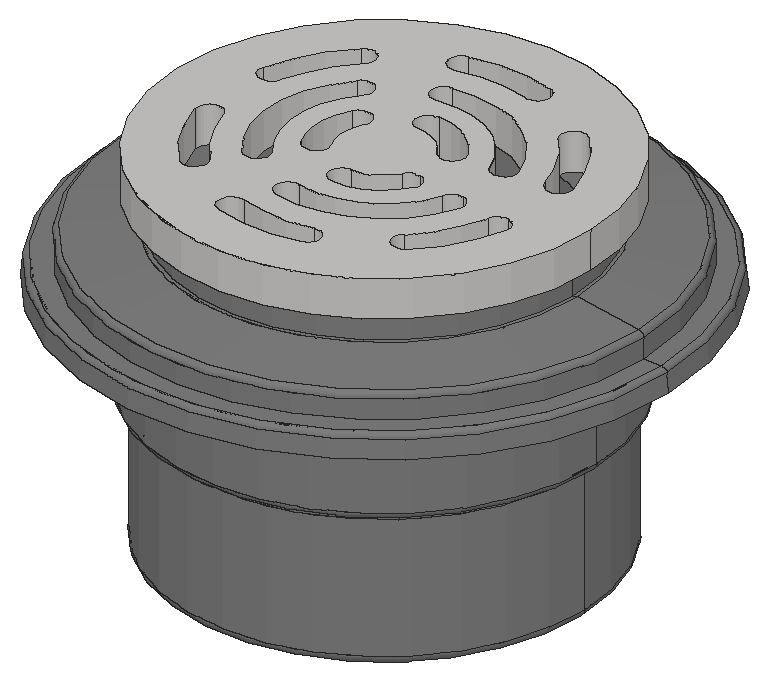
Revit family "PlumbingFixture_Drain_Galvin_DV150R", category Plumbing Fixtures, host Face, Revit 2012
Parameters (values of type "DV4S06RX - ST/ST 316")
  URL = "www.galvinengineering.com.au"
  Type Comments = "Round"
  StyleOrType_ANZRS = "Drain"
  OutletRadius_DoNotEdit = 50 mm
  ModifiedIssue_ANZRS = 20140526.01  # constant formula
  Model = "DV4S06RX - ST/ST 316"
  Manufacturer = "Galvin Engineering"
  Keynote = "10800"
  Instructions = "http://www.galvinengineering.com.au/Installation_Guides_1.aspx"
  GrateMaterial = Metal_Drains_Stainless-Steel_15400
  FilterObject_ANZRS = "DV-RX"
  DimTop = 150 mm  # constant formula
  DimOutlet = 100 mm  # constant formula
  DimGrateHeight = 35 mm  # constant formula
  DimBodyHeight = 92 mm  # constant formula
  DimAdjustableTop = 58 mm  # constant formula
  Description = "Round Vertical Drain Combination - Standard"
  Default Elevation = 0 mm
  CreatedBy_ANZRS = "Galvin Engineering"
  CreatedByURL_ANZRS = "www.galvinengineering.com.au"
  CreatedByPhoneNo_ANZRS = "61-8-92495900"
  Circulation_ANZRS = yes
  CHWFlow_ANZRS = 2.80 L/s
  BodyMaterial = Metal_Drains_Cast-Iron_15400
  Assembly Code = "D2040200"
  Application = "PVC/HDPE"
Reference planes
  plane 1 "Center (Front/Back)": y = 0
  plane 2 "Face": z = 0
  plane 3 "Center (Left/Right)": x = 0
  plane 4 "Left": x = -75
  plane 5 "Right": x = 75
  plane 6 "GrateHeight": z = -35
  plane 7 "Bottom": z = -127
  plane 8 "AdjustableTop": z = 58
Forms (mm)
  Revolve 1, solid, material "Metal_Drains_Cast-Iron_15400" <- "BodyMaterial"
    sketch origin (0, 0, 0) x (1, 0, 0) y (0, 0, 1)
      loop
        line (50, -77.984) -> (50, -127) -> (69.624, -127)
        arc (69.624, -127) -> (71.745, -126.121) -> (72.624, -124) r 3
        line (72.624, -124) -> (72.624, -79.527)
        arc (72.624, -79.527) -> (73.263, -77.984) -> (74.806, -77.345) r 2.183
        arc (74.806, -77.345) -> (76.349, -76.706) -> (76.989, -75.162) r 2.183
        line (76.989, -75.162) -> (76.989, -48.201)
        arc (76.989, -48.201) -> (77.772, -46.18) -> (79.713, -45.214) r 3
        line (79.713, -45.214) -> (103.194, -43.05) -> (102.516, -36.781)
        arc (102.516, -36.781) -> (101.94, -35.578) -> (100.736, -35.002) r 2.005
        line (100.736, -35.002) -> (94, -35.002) -> (94, -28.379)
        arc (94, -28.379) -> (93.504, -27.06) -> (92.261, -26.396) r 2
        line (92.261, -26.396) -> (70, -23.466) -> (68.5, -23.466) -> (68.5, -13) -> (65.97, -13) -> (58.181, -25.269) -> (58.181, -77.984) -> (50, -77.984)
      axis (0, -13) -> (0, -127)
    angle from 0 to 360
  Extrusion 2, solid, material "Metal_Drains_Stainless-Steel_15400" <- "GrateMaterial"
    sketch origin (0, 0, 0) x (1, 0, 0) y (0, 1, 0)
      loop
        circle (0, 0) r 75
      loop
        arc (-56.451, 15.345) -> (-53.289, 9.823) -> (-47.767, 12.985) r 4.5
        arc (-47.767, 12.985) -> (-42.868, 24.75) -> (-35.128, 34.875) r 49.5
        arc (-35.128, 34.875) -> (-33.833, 37.722) -> (-34.707, 40.726) r 4.5
        arc (-34.707, 40.726) -> (-37.999, 42.534) -> (-41.515, 41.216) r 4.5
        arc (-41.515, 41.216) -> (-50.662, 29.25) -> (-56.451, 15.345) r 58.5
      loop
        arc (12.638, 47.859) -> (18.138, 51.061) -> (14.936, 56.561) r 4.5
        arc (14.936, 56.561) -> (0, 58.5) -> (-14.936, 56.561) r 58.5
        arc (-14.936, 56.561) -> (-18.138, 51.061) -> (-12.638, 47.859) r 4.5
        arc (-12.638, 47.859) -> (0, 49.5) -> (12.638, 47.859) r 49.5
      loop
        arc (38.155, 13.58) -> (20.25, 35.074) -> (-7.317, 39.834) r 40.5
        arc (-7.317, 39.834) -> (-10.93, 34.595) -> (-5.691, 30.982) r 4.5
        arc (-5.691, 30.982) -> (15.75, 27.28) -> (29.676, 10.562) r 31.5
        arc (29.676, 10.562) -> (35.425, 7.832) -> (38.155, 13.58) r 4.5
      loop
        arc (20.539, 12.416) -> (12, 20.785) -> (0.483, 23.995) r 24
        arc (0.483, 23.995) -> (-4.106, 19.587) -> (0.302, 14.997) r 4.5
        arc (0.302, 14.997) -> (7.5, 12.99) -> (12.837, 7.76) r 15
        arc (12.837, 7.76) -> (19.016, 6.237) -> (20.539, 12.416) r 4.5
      loop
        arc (-13.139, -7.237) -> (-15, 0) -> (-13.139, 7.237) r 15
        arc (-13.139, 7.237) -> (-12.591, 9.711) -> (-13.466, 12.089) r 4.5
        arc (-13.466, 12.089) -> (-17.383, 13.898) -> (-21.022, 11.579) r 4.5
        arc (-21.022, 11.579) -> (-24, 0) -> (-21.022, -11.579) r 24
        arc (-21.022, -11.579) -> (-14.909, -13.35) -> (-13.139, -7.237) r 4.5
      loop
        arc (-23.985, -20.419) -> (-31.5, 0) -> (-23.985, 20.419) r 31.5
        arc (-23.985, 20.419) -> (-22.914, 23.186) -> (-23.797, 26.017) r 4.5
        arc (-23.797, 26.017) -> (-27.261, 27.834) -> (-30.838, 26.254) r 4.5
        arc (-30.838, 26.254) -> (-40.5, 0) -> (-30.838, -26.254) r 40.5
        arc (-30.838, -26.254) -> (-24.495, -26.763) -> (-23.985, -20.419) r 4.5
      loop
        arc (-47.767, -12.985) -> (-53.289, -9.823) -> (-56.451, -15.345) r 4.5
        arc (-56.451, -15.345) -> (-50.662, -29.25) -> (-41.515, -41.216) r 58.5
        arc (-41.515, -41.216) -> (-35.151, -41.239) -> (-35.128, -34.875) r 4.5
        arc (-35.128, -34.875) -> (-42.868, -24.75) -> (-47.767, -12.985) r 49.5
      loop
        arc (-12.638, -47.859) -> (-18.138, -51.061) -> (-14.936, -56.561) r 4.5
        arc (-14.936, -56.561) -> (0, -58.5) -> (14.936, -56.561) r 58.5
        arc (14.936, -56.561) -> (17.836, -54.175) -> (17.916, -50.421) r 4.5
        arc (17.916, -50.421) -> (15.752, -48.162) -> (12.638, -47.859) r 4.5
        arc (12.638, -47.859) -> (0, -49.5) -> (-12.638, -47.859) r 49.5
      loop
        arc (-7.317, -39.834) -> (20.25, -35.074) -> (38.155, -13.58) r 40.5
        arc (38.155, -13.58) -> (37.735, -9.692) -> (34.43, -7.601) r 4.5
        arc (34.43, -7.601) -> (31.537, -8.252) -> (29.676, -10.562) r 4.5
        arc (29.676, -10.562) -> (15.75, -27.28) -> (-5.691, -30.982) r 31.5
        arc (-5.691, -30.982) -> (-10.93, -34.595) -> (-7.317, -39.834) r 4.5
      loop
        arc (0.483, -23.995) -> (12, -20.785) -> (20.539, -12.416) r 24
        arc (20.539, -12.416) -> (20.727, -8.106) -> (17.202, -5.618) r 4.5
        arc (17.202, -5.618) -> (14.705, -6.048) -> (12.837, -7.76) r 4.5
        arc (12.837, -7.76) -> (7.5, -12.99) -> (0.302, -14.997) r 15
        arc (0.302, -14.997) -> (-4.106, -19.587) -> (0.483, -23.995) r 4.5
      loop
        arc (35.128, -34.875) -> (35.151, -41.239) -> (41.515, -41.216) r 4.5
        arc (41.515, -41.216) -> (50.662, -29.25) -> (56.451, -15.345) r 58.5
        arc (56.451, -15.345) -> (55.835, -11.641) -> (52.624, -9.694) r 4.5
        arc (52.624, -9.694) -> (49.585, -10.439) -> (47.767, -12.985) r 4.5
        arc (47.767, -12.985) -> (42.868, -24.75) -> (35.128, -34.875) r 49.5
      loop
        arc (47.767, 12.985) -> (53.289, 9.823) -> (56.451, 15.345) r 4.5
        arc (56.451, 15.345) -> (50.662, 29.25) -> (41.515, 41.216) r 58.5
        arc (41.515, 41.216) -> (35.151, 41.239) -> (35.128, 34.875) r 4.5
        arc (35.128, 34.875) -> (42.868, 24.75) -> (47.767, 12.985) r 49.5
    from 0 to -13
  Revolve 3, void
    sketch origin (0, 0, 0) x (1, 0, 0) y (0, 0, 1)
      loop
        line (68.5, -13) -> (75, -13) -> (75, 0) -> (0, 0) -> (0, -127) -> (69.624, -127)
        arc (69.624, -127) -> (71.745, -126.121) -> (72.624, -124) r 3
        line (72.624, -124) -> (72.624, -79.527)
        arc (72.624, -79.527) -> (73.263, -77.984) -> (74.806, -77.345) r 2.183
        arc (74.806, -77.345) -> (76.349, -76.706) -> (76.989, -75.162) r 2.183
        line (76.989, -75.162) -> (76.989, -48.201)
        arc (76.989, -48.201) -> (77.772, -46.18) -> (79.713, -45.214) r 3
        line (79.713, -45.214) -> (103.194, -43.05) -> (102.516, -36.781)
        arc (102.516, -36.781) -> (101.94, -35.578) -> (100.736, -35.002) r 2.005
        line (100.736, -35.002) -> (94, -35.002) -> (94, -28.379)
        arc (94, -28.379) -> (93.504, -27.06) -> (92.261, -26.396) r 2
        line (92.261, -26.396) -> (70, -23.466) -> (68.5, -23.466) -> (68.5, -13)
      axis (0, 0) -> (0, -127)
    angle from 0 to 360
Lines and regions (mm)
  symbolic lines, style "Waste Outlets"
    curve 1: circle (0, 0, 0) r 67.5 normal (0, 0, 1)
    curve 2: circle (-27.375, 47.415, 0) r 7.5 normal (0, 0, 1)
    curve 3: circle (-27.375, -47.415, 0) r 7.5 normal (0, 0, 1)
    curve 4: circle (54.75, 0, 0) r 7.5 normal (0, 0, 1)
  symbolic lines, style "Waste Outlets", detail levels medium+fine
    curve 5: circle (-27.375, -47.415, 0) r 2.166 normal (0, 0, 1)
    curve 6: circle (-27.375, 47.415, 0) r 2.166 normal (0, 0, 1)
    curve 7: circle (54.75, 0, 0) r 2.166 normal (0, 0, -1)
  symbolic lines, style "Waste Outlets", detail levels fine
    curve 8: circle (-27.375, 47.415, 0) r 6 normal (0, 0, 1)
    curve 9: circle (54.75, 0, 0) r 6 normal (0, 0, 1)
    curve 10: circle (-27.375, -47.415, 0) r 6 normal (0, 0, 1)
Dimensions and locks
  "DimTop": plane 4 "Left" to plane 5 "Right"
  "DimGrateHeight": plane 2 "Face" to plane 6 "GrateHeight"
  "DimBodyHeight": plane 6 "GrateHeight" to plane 7 "Bottom"
  "DimAdjustableTop": plane 8 "AdjustableTop" to plane 2 "Face"
  aligned and locked: plane 2 "Face" to host face
  aligned and locked: level to host face
Automatic sketch dimensions
  curve 2 to curve 6 = 0 mm  (x2)
  curve 2 to curve 8 = 0 mm  (x2)
  curve 3 to curve 5 = 0 mm  (x2)
  curve 3 to curve 10 = 0 mm  (x2)
  curve 4 to curve 7 = 0 mm  (x2)
  curve 4 to curve 9 = 0 mm  (x2)
  curve 5 to curve 10 = 0 mm  (x2)
  curve 6 to curve 8 = 0 mm  (x2)
  curve 7 to curve 9 = 0 mm  (x2)
  plane 1 "Center (Front/Back)" to curve 1 = 0 mm
  curve 1 to plane 3 "Center (Left/Right)" = 0 mm
  plane 1 "Center (Front/Back)" to curve 9 = 0 mm
  curve 10 to plane 3 "Center (Left/Right)" = 27.375 mm
  curve 8 to plane 3 "Center (Left/Right)" = 27.375 mm
  curve 9 to plane 5 "Right" = 20.25 mm
  plane 1 "Center (Front/Back)" to curve 10 = 47.415 mm
  curve 2 to plane 1 "Center (Front/Back)" = 47.415 mm
  host sketch curve to host sketch curve = 400 mm  (x2)
  Revolve 1 sketch curve to plane 3 "Center (Left/Right)" = 0 mm
  Revolve 1 sketch curve to plane 5 "Right" = 25 mm
  Revolve 1 sketch curve to Revolve 1 sketch curve = 8.181 mm
  Revolve 1 sketch curve to plane 5 "Right" = 9.03 mm
  Revolve 1 sketch curve to Revolve 1 sketch curve = 2.53 mm
  Revolve 1 sketch curve to plane 5 "Right" = 5.376 mm
  Revolve 1 sketch curve to Revolve 1 sketch curve = 1.5 mm
  Revolve 1 sketch curve to plane 5 "Right" = 2.376 mm
  Revolve 1 sketch curve to plane 5 "Right" = 0.194 mm
  plane 5 "Right" to Revolve 1 sketch curve = 1.989 mm
  Revolve 1 sketch curve to Revolve 1 sketch curve = 2.725 mm
  Revolve 1 sketch curve to Revolve 1 sketch curve = 3 mm
  plane 5 "Right" to Revolve 1 sketch curve = 17 mm
  Revolve 1 sketch curve to Revolve 1 sketch curve = 0.261 mm
  Revolve 1 sketch curve to Revolve 1 sketch curve = 2 mm
  Revolve 1 sketch curve to Revolve 1 sketch curve = 6.522 mm
  Revolve 1 sketch curve to Revolve 1 sketch curve = 0.214 mm
  Revolve 1 sketch curve to Revolve 1 sketch curve = 1.994 mm
  Revolve 1 sketch curve to Revolve 1 sketch curve = 0.678 mm
  Revolve 1 sketch curve to level = 127 mm
  Revolve 1 sketch curve to Revolve 1 sketch curve = 44.473 mm
  Revolve 1 sketch curve to Revolve 1 sketch curve = 1.543 mm
  Revolve 1 sketch curve to Revolve 1 sketch curve = 4.525 mm
  Revolve 1 sketch curve to Revolve 1 sketch curve = 0 mm
  Revolve 1 sketch curve to Revolve 1 sketch curve = 26.961 mm
  Revolve 1 sketch curve to Revolve 1 sketch curve = 2.164 mm
  Revolve 1 sketch curve to Revolve 1 sketch curve = 6.054 mm
  Revolve 1 sketch curve to Revolve 1 sketch curve = 0.216 mm
  Revolve 1 sketch curve to Revolve 1 sketch curve = 6.623 mm
  Revolve 1 sketch curve to Revolve 1 sketch curve = 2.931 mm
  Revolve 1 sketch curve to Revolve 1 sketch curve = 1.804 mm
  Revolve 1 sketch curve to level = 13 mm
  level to Revolve 1 sketch curve = 129.705 mm
  Extrusion 2 sketch curve to Extrusion 2 sketch curve = 0 mm  (x649)
  plane 1 "Center (Front/Back)" to Extrusion 2 sketch curve = 0 mm
  Extrusion 2 sketch curve to plane 3 "Center (Left/Right)" = 0 mm
  Extrusion 2 sketch curve to plane 3 "Center (Left/Right)" = 5.691 mm  (x2)
  Extrusion 2 sketch curve to Extrusion 2 sketch curve = 0.813 mm  (x2)
  Extrusion 2 sketch curve to Extrusion 2 sketch curve = 5.321 mm  (x2)
  plane 1 "Center (Front/Back)" to Extrusion 2 sketch curve = 7.237 mm
  Extrusion 2 sketch curve to plane 3 "Center (Left/Right)" = 13.139 mm  (x2)
  Extrusion 2 sketch curve to plane 1 "Center (Front/Back)" = 7.237 mm
  Extrusion 2 sketch curve to Extrusion 2 sketch curve = 0.327 mm
  Extrusion 2 sketch curve to Extrusion 2 sketch curve = 1.149 mm  (x4)
  Extrusion 2 sketch curve to Extrusion 2 sketch curve = 3.942 mm  (x2)
  Extrusion 2 sketch curve to Extrusion 2 sketch curve = 2.775 mm
  Extrusion 2 sketch curve to Extrusion 2 sketch curve = 2.963 mm
  Extrusion 2 sketch curve to Extrusion 2 sketch curve = 0.188 mm
  Extrusion 2 sketch curve to Extrusion 2 sketch curve = 3.426 mm  (x2)
  Extrusion 2 sketch curve to Extrusion 2 sketch curve = 3.869 mm
  Extrusion 2 sketch curve to Extrusion 2 sketch curve = 4.29 mm
  Extrusion 2 sketch curve to Extrusion 2 sketch curve = 0.421 mm
  Extrusion 2 sketch curve to Extrusion 2 sketch curve = 3.193 mm  (x4)
  Extrusion 2 sketch curve to plane 1 "Center (Front/Back)" = 12.985 mm
  Extrusion 2 sketch curve to Extrusion 2 sketch curve = 16.928 mm  (x2)
  Extrusion 2 sketch curve to Extrusion 2 sketch curve = 4.342 mm  (x4)
  plane 3 "Center (Left/Right)" to Extrusion 2 sketch curve = 0.302 mm  (x2)
  plane 3 "Center (Left/Right)" to Extrusion 2 sketch curve = 0.393 mm  (x2)
  plane 3 "Center (Left/Right)" to Extrusion 2 sketch curve = 12.638 mm  (x2)
  Extrusion 2 sketch curve to Extrusion 2 sketch curve = 12.535 mm
  Extrusion 2 sketch curve to plane 1 "Center (Front/Back)" = 7.76 mm
  plane 3 "Center (Left/Right)" to Extrusion 2 sketch curve = 12.837 mm
  Extrusion 2 sketch curve to Extrusion 2 sketch curve = 3.851 mm  (x2)
  Extrusion 2 sketch curve to Extrusion 2 sketch curve = 0.515 mm  (x3)
  Extrusion 2 sketch curve to Extrusion 2 sketch curve = 4.129 mm
  Extrusion 2 sketch curve to Extrusion 2 sketch curve = 9.138 mm  (x2)
  Extrusion 2 sketch curve to Extrusion 2 sketch curve = 4.239 mm  (x2)
  Extrusion 2 sketch curve to Extrusion 2 sketch curve = 3.027 mm  (x2)
  Extrusion 2 sketch curve to Extrusion 2 sketch curve = 9.611 mm  (x2)
  plane 1 "Center (Front/Back)" to Extrusion 2 sketch curve = 12.071 mm
  Extrusion 2 sketch curve to Extrusion 2 sketch curve = 1.854 mm  (x2)
  plane 1 "Center (Front/Back)" to Extrusion 2 sketch curve = 12.985 mm
  Extrusion 2 sketch curve to Extrusion 2 sketch curve = 0.595 mm  (x2)
  Extrusion 2 sketch curve to Extrusion 2 sketch curve = 8.841 mm
  Extrusion 2 sketch curve to Extrusion 2 sketch curve = 8.026 mm  (x2)
  Revolve 3 sketch curve to plane 3 "Center (Left/Right)" = 0 mm  (x2)
  Revolve 3 sketch curve to level = 0 mm
  Revolve 3 sketch curve to plane 5 "Right" = 0 mm
  Revolve 3 sketch curve to plane 5 "Right" = 6.5 mm
  Revolve 3 sketch curve to plane 5 "Right" = 5.376 mm
  Revolve 3 sketch curve to Revolve 3 sketch curve = 1.5 mm
  Revolve 3 sketch curve to plane 5 "Right" = 2.376 mm
  Revolve 3 sketch curve to plane 5 "Right" = 0.194 mm
  plane 5 "Right" to Revolve 3 sketch curve = 1.989 mm
  Revolve 3 sketch curve to Revolve 3 sketch curve = 2.725 mm
  Revolve 3 sketch curve to Revolve 3 sketch curve = 3 mm
  plane 5 "Right" to Revolve 3 sketch curve = 17 mm
  Revolve 3 sketch curve to Revolve 3 sketch curve = 0.261 mm
  Revolve 3 sketch curve to Revolve 3 sketch curve = 2 mm
  Revolve 3 sketch curve to Revolve 3 sketch curve = 6.522 mm
  Revolve 3 sketch curve to Revolve 3 sketch curve = 0.214 mm
  Revolve 3 sketch curve to Revolve 3 sketch curve = 1.994 mm
  Revolve 3 sketch curve to Revolve 3 sketch curve = 0.678 mm
  Revolve 3 sketch curve to level = 13 mm
  Revolve 3 sketch curve to Revolve 3 sketch curve = 10.466 mm
  Revolve 3 sketch curve to Revolve 3 sketch curve = 2.931 mm
  Revolve 3 sketch curve to Revolve 3 sketch curve = 6.623 mm
  Revolve 3 sketch curve to Revolve 3 sketch curve = 1.778 mm
  Revolve 3 sketch curve to Revolve 3 sketch curve = 6.269 mm
  Revolve 3 sketch curve to Revolve 3 sketch curve = 10.212 mm
  Revolve 3 sketch curve to Revolve 3 sketch curve = 26.961 mm
  Revolve 3 sketch curve to Revolve 3 sketch curve = 0 mm
  Revolve 3 sketch curve to Revolve 3 sketch curve = 2.982 mm
  Revolve 3 sketch curve to Revolve 3 sketch curve = 44.473 mm
  Revolve 3 sketch curve to Revolve 3 sketch curve = 129.705 mm
  radius of curve 1 = 67.5 mm
  radius of curve 2 = 7.5 mm
  radius of curve 3 = 7.5 mm
  radius of curve 4 = 7.5 mm
  radius of curve 5 = 2.166 mm
  radius of curve 6 = 2.166 mm
  radius of curve 7 = 2.166 mm
  radius of curve 8 = 6 mm
  radius of curve 9 = 6 mm
  radius of curve 10 = 6 mm
  radius of Extrusion 2 sketch curve = 75 mm
Connectors
  piping at (0, 0, -127), driven by "OutletRadius_DoNotEdit"
    settings: on Revolve 1, index 1, connector radius 1.9685", flow factor 0, pipe flow 0.00 L/s, pressure drop 0.00 psi, fitting loss kfactor 0, connector angle 0.00°, fixture units 0, engagement length 0 mm, flow configuration 0, flow direction 0, fitting loss method 0, system type 28, joint type 0, gender type 0, connector reference index -1, connector utility 0, adjustable connector no, is connector primary yes, fitting loss table "", connector description ""
